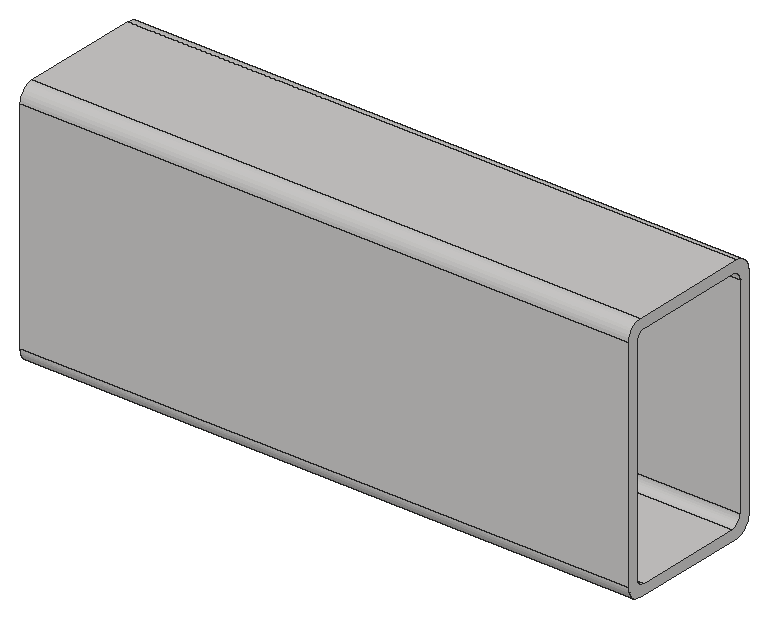
Revit family "NLRS_28_SFR_RHS_UEQ", category Structural Framing, Revit 2020
Family settings
  Structural Framing Length Roundoff = 0 mm
  Section Shape = Rectangular HSS
  Material for Model Behavior = Steel
  Always export as geometry = No
  Code Name = EN 10210-2; DIN EN 10210-2
  Always vertical = Yes
  Cut with Voids When Loaded = No
  Symbolic Representation = From Project Settings
  Shared = No
  Show family pre-cut in plan views = Yes
Parameters (values of type "KK500/300/20")
  Width = 300 mm
  Wall Nominal Thickness = 20 mm
  Wall Design Thickness = 20.0 mm
  Type Comments = ""
  Torsional Moment of Inertia = 97450.00 cm4
  Torsional Modulus = 4842.0 cm³
  Structural Material [instance] = h3_Structural Steel - S235
  Section Name Key = "R500X300X20"
  Section Area = 300.0 cm²
  Plastic Modulus weak axis = 3408.0 cm³
  Plastic Modulus strong axis = 4885.0 cm³
  Perimeter = 1.55 m²/m
  Outer Fillet = 30.0 mm
  Nominal Weight = 235.00 kgf/m
  Moment of Inertia weak axis = 44080.00 cm4
  Moment of Inertia strong axis = 98780.00 cm4
  Inner Fillet = 20.0 mm
  Height = 500 mm
  Elastic Modulus weak axis = 2939.0 cm³
  Elastic Modulus strong axis = 3951.0 cm³
  Centroid Vertical = Height / 2  # 250.0 mm
  Centroid Horizontal = Width / 2  # 150.0 mm
  Assembly Code = "2B(28.10)"
  Length [instance] = 1500 mm
Types (112, lengths in mm): name | Width | Wall Nominal Thickness | Wall Design Thickness | Torsional Moment of Inertia | Torsional Modulus | Section Name Key | Section Area | Plastic Modulus weak axis | Plastic Modulus strong axis | Perimeter | Outer Fillet | Nominal Weight | Moment of Inertia weak axis | Moment of Inertia strong axis | Inner Fillet | Height | Elastic Modulus weak axis | Elastic Modulus strong axis | Centroid Vertical | Centroid Horizontal
  KK500/300/20 | 300 | 20 | 20.0 | 97450.00 cm4 | 4842.0 cm³ | "R500X300X20" | 300.0 cm² | 3408.0 cm³ | 4885.0 cm³ | 1.55 m²/m | 30.0 | 235.00 kgf/m | 44080.00 cm4 | 98780.00 cm4 | 20.0 | 500 | 2939.0 cm³ | 3951.0 cm³ | 250.0 | 150.0
  K500/300/16 | 300 | 16 | 16.0 | 80330.00 cm4 | 4044.0 cm³ | "R500X300X16" | 243.0 cm² | 2804.0 cm³ | 4005.0 cm³ | 1.56 m²/m | 24.0 | 191.00 kgf/m | 36770.00 cm4 | 81780.00 cm4 | 16.0 | 500 | 2451.0 cm³ | 3271.0 cm³ | 250.0 | 150.0
  K500/300/14.2 | 300 | 14.2 | 14.2 | 72240.00 cm4 | 3660.0 cm³ | "RHS500x300x14.2" | 217.0 cm² | 2519.0 cm³ | 3593.0 cm³ | 1.56 m²/m | 21.3 | 170.00 kgf/m | 33250.00 cm4 | 73700.00 cm4 | 14.2 | 500 | 2216.0 cm³ | 2948.0 cm³ | 250.0 | 150.0
  K500/300/12.5 | 300 | 12.5 | 12.5 | 64390.00 cm4 | 3281.0 cm³ | "R500X300X12.5" | 192.0 cm² | 2244.0 cm³ | 3196.0 cm³ | 1.57 m²/m | 18.8 | 151.00 kgf/m | 29780.00 cm4 | 65810.00 cm4 | 12.5 | 500 | 1985.0 cm³ | 2633.0 cm³ | 250.0 | 150.0
  K500/300/10 | 300 | 10 | 10.0 | 52450.00 cm4 | 2696.0 cm³ | "R500X300X10" | 155.0 cm² | 1826.0 cm³ | 2595.0 cm³ | 1.57 m²/m | 15.0 | 122.00 kgf/m | 24440.00 cm4 | 53760.00 cm4 | 10.0 | 500 | 1629.0 cm³ | 2150.0 cm³ | 250.0 | 150.0
  K450/250/16 | 250 | 16 | 16.0 | 50550.00 cm4 | 2947.0 cm³ | "R450X250X16" | 211.0 cm² | 2029.0 cm³ | 3070.0 cm³ | 1.36 m²/m | 24.0 | 166.00 kgf/m | 22040.00 cm4 | 55710.00 cm4 | 16.0 | 450 | 1763.0 cm³ | 2476.0 cm³ | 225.0 | 125.0
  K450/250/14.2 | 250 | 14.2 | 14.2 | 45580.00 cm4 | 2675.0 cm³ | "RHS450x250x14.2" | 189.0 cm² | 1827.0 cm³ | 2759.0 cm³ | 1.36 m²/m | 21.3 | 148.00 kgf/m | 20000.00 cm4 | 50320.00 cm4 | 14.2 | 450 | 1600.0 cm³ | 2236.0 cm³ | 225.0 | 125.0
  K450/250/12.5 | 250 | 12.5 | 12.5 | 40720.00 cm4 | 2406.0 cm³ | "R450X250X12.5" | 167.0 cm² | 1631.0 cm³ | 2458.0 cm³ | 1.37 m²/m | 18.8 | 131.00 kgf/m | 17970.00 cm4 | 45030.00 cm4 | 12.5 | 450 | 1438.0 cm³ | 2001.0 cm³ | 225.0 | 125.0
  K450/250/10 | 250 | 10 | 10.0 | 33280.00 cm4 | 1986.0 cm³ | "R450X250X10" | 135.0 cm² | 1331.0 cm³ | 2000.0 cm³ | 1.37 m²/m | 15.0 | 106.00 kgf/m | 14820.00 cm4 | 36900.00 cm4 | 10.0 | 450 | 1185.0 cm³ | 1640.0 cm³ | 225.0 | 125.0
  K450/250/8 | 250 | 8 | 8.0 | 27080.00 cm4 | 1629.0 cm³ | "R450X250X8" | 109.0 cm² | 1081.0 cm³ | 1622.0 cm³ | 1.38 m²/m | 12.0 | 85.40 kgf/m | 12140.00 cm4 | 30080.00 cm4 | 8.0 | 450 | 971.0 cm³ | 1337.0 cm³ | 225.0 | 125.0
  K400/200/16 | 200 | 16 | 16.0 | 28870.00 cm4 | 2010.0 cm³ | "R400X200X16" | 179.0 cm² | 1374.0 cm³ | 2256.0 cm³ | 1.16 m²/m | 24.0 | 141.00 kgf/m | 11820.00 cm4 | 35740.00 cm4 | 16.0 | 400 | 1182.0 cm³ | 1787.0 cm³ | 200.0 | 100.0
  K400/200/14.2 | 200 | 14.2 | 14.2 | 26140.00 cm4 | 1834.0 cm³ | "RHS400x200x14.2" | 160.0 cm² | 1242.0 cm³ | 2032.0 cm³ | 1.16 m²/m | 21.3 | 126.00 kgf/m | 10780.00 cm4 | 32380.00 cm4 | 14.2 | 400 | 1078.0 cm³ | 1619.0 cm³ | 200.0 | 100.0
  K400/200/12.5 | 200 | 12.5 | 12.5 | 23440.00 cm4 | 1656.0 cm³ | "R400X200X12.5" | 142.0 cm² | 1111.0 cm³ | 1813.0 cm³ | 1.17 m²/m | 18.8 | 112.00 kgf/m | 9738.00 cm4 | 29060.00 cm4 | 12.5 | 400 | 974.0 cm³ | 1453.0 cm³ | 200.0 | 100.0
  K400/200/10 | 200 | 10 | 10.0 | 19260.00 cm4 | 1376.0 cm³ | "R400X200X10" | 115.0 cm² | 911.0 cm³ | 1480.0 cm³ | 1.17 m²/m | 15.0 | 90.20 kgf/m | 8084.00 cm4 | 23910.00 cm4 | 10.0 | 400 | 808.0 cm³ | 1196.0 cm³ | 200.0 | 100.0
  K400/200/8 | 200 | 8 | 8.0 | 15740.00 cm4 | 1135.0 cm³ | "R400X200X8" | 92.8 cm² | 743.0 cm³ | 1203.0 cm³ | 1.18 m²/m | 12.0 | 72.80 kgf/m | 6660.00 cm4 | 19560.00 cm4 | 8.0 | 400 | 666.0 cm³ | 978.0 cm³ | 200.0 | 100.0
  K350/250/16 | 250 | 16 | 16.0 | 35330.00 cm4 | 2246.0 cm³ | "R350X250X16" | 179.0 cm² | 1655.0 cm³ | 2095.0 cm³ | 1.16 m²/m | 24.0 | 141.00 kgf/m | 17650.00 cm4 | 30010.00 cm4 | 16.0 | 350 | 1412.0 cm³ | 1715.0 cm³ | 175.0 | 125.0
  K350/250/14.2 | 250 | 14.2 | 14.2 | 31890.00 cm4 | 2044.0 cm³ | "RHS350x250x14.2" | 160.0 cm² | 1492.0 cm³ | 1887.0 cm³ | 1.16 m²/m | 21.3 | 126.00 kgf/m | 16050.00 cm4 | 27200.00 cm4 | 14.2 | 350 | 1284.0 cm³ | 1554.0 cm³ | 175.0 | 125.0
  K350/250/12.5 | 250 | 12.5 | 12.5 | 28530.00 cm4 | 1842.0 cm³ | "R350X250X12.5" | 142.0 cm² | 1334.0 cm³ | 1685.0 cm³ | 1.17 m²/m | 18.8 | 112.00 kgf/m | 14440.00 cm4 | 24420.00 cm4 | 12.5 | 350 | 1156.0 cm³ | 1395.0 cm³ | 175.0 | 125.0
  K350/250/10 | 250 | 10 | 10.0 | 23350.00 cm4 | 1525.0 cm³ | "R350X250X10" | 115.0 cm² | 1091.0 cm³ | 1375.0 cm³ | 1.17 m²/m | 15.0 | 90.20 kgf/m | 11940.00 cm4 | 20100.00 cm4 | 10.0 | 350 | 955.0 cm³ | 1149.0 cm³ | 175.0 | 125.0
  K350/250/8 | 250 | 8 | 8.0 | 19030.00 cm4 | 1254.0 cm³ | "R350X250X8" | 92.8 cm² | 888.0 cm³ | 1118.0 cm³ | 1.18 m²/m | 12.0 | 72.80 kgf/m | 9798.00 cm4 | 16450.00 cm4 | 8.0 | 350 | 784.0 cm³ | 940.0 cm³ | 175.0 | 125.0
  K350/250/6.3 | 250 | 6.3 | 6.3 | 15220.00 cm4 | 1011.0 cm³ | "RHS350x250x6.3" | 73.6 cm² | 709.0 cm³ | 892.0 cm³ | 1.18 m²/m | 9.5 | 57.80 kgf/m | 7885.00 cm4 | 13200.00 cm4 | 6.3 | 350 | 631.0 cm³ | 754.0 cm³ | 175.0 | 125.0
  K300/200/16 | 200 | 16 | 16.0 | 19250.00 cm4 | 1468.0 cm³ | "RHS300x200x16" | 147.0 cm² | 1080.0 cm³ | 1441.0 cm³ | 0.96 m²/m | 24.0 | 115.00 kgf/m | 9109.00 cm4 | 17390.00 cm4 | 16.0 | 300 | 911.0 cm³ | 1159.0 cm³ | 150.0 | 100.0
  K300/200/14.2 | 200 | 14.2 | 14.2 | 17460.00 cm4 | 1343.0 cm³ | "RHS300x200x14.2" | 132.0 cm² | 978.0 cm³ | 1302.0 cm³ | 0.96 m²/m | 21.3 | 103.00 kgf/m | 8328.00 cm4 | 15830.00 cm4 | 14.2 | 300 | 833.0 cm³ | 1055.0 cm³ | 150.0 | 100.0
  K300/200/12.5 | 200 | 12.5 | 12.5 | 15680.00 cm4 | 1217.0 cm³ | "R300X200X12.5" | 117.0 cm² | 877.0 cm³ | 1165.0 cm³ | 0.97 m²/m | 18.8 | 91.90 kgf/m | 7537.00 cm4 | 14270.00 cm4 | 12.5 | 300 | 754.0 cm³ | 952.0 cm³ | 150.0 | 100.0
  K300/200/10 | 200 | 10 | 10.0 | 12910.00 cm4 | 1015.0 cm³ | "R300X200X10" | 94.9 cm² | 721.0 cm³ | 956.0 cm³ | 0.97 m²/m | 15.0 | 74.50 kgf/m | 6278.00 cm4 | 11820.00 cm4 | 10.0 | 300 | 628.0 cm³ | 788.0 cm³ | 150.0 | 100.0
  K300/200/8 | 200 | 8 | 8.0 | 10560.00 cm4 | 840.0 cm³ | "R300X200X8" | 76.8 cm² | 589.0 cm³ | 779.0 cm³ | 0.98 m²/m | 12.0 | 60.30 kgf/m | 5184.00 cm4 | 9717.00 cm4 | 8.0 | 300 | 518.0 cm³ | 648.0 cm³ | 150.0 | 100.0
  K300/200/6.3 | 200 | 6.3 | 6.3 | 8476.00 cm4 | 681.0 cm³ | "R300X200X6.3" | 61.0 cm² | 472.0 cm³ | 624.0 cm³ | 0.98 m²/m | 9.5 | 47.90 kgf/m | 4193.00 cm4 | 7829.00 cm4 | 6.3 | 300 | 419.0 cm³ | 522.0 cm³ | 150.0 | 100.0
  K260/180/16 | 180 | 16 | 16.0 | 12990.00 cm4 | 1106.0 cm³ | "RHS260x180x16" | 128.0 cm² | 831.0 cm³ | 1081.0 cm³ | 0.84 m²/m | 24.0 | 100.00 kgf/m | 6231.00 cm4 | 11250.00 cm4 | 16.0 | 260 | 692.0 cm³ | 865.0 cm³ | 130.0 | 90.0
  K260/180/14.2 | 180 | 14.2 | 14.2 | 11820.00 cm4 | 1016.0 cm³ | "RHS260x180x14.2" | 115.0 cm² | 755.0 cm³ | 980.0 cm³ | 0.84 m²/m | 21.3 | 90.10 kgf/m | 5719.00 cm4 | 10280.00 cm4 | 14.2 | 260 | 635.0 cm³ | 791.0 cm³ | 130.0 | 90.0
  K260/180/12.5 | 180 | 12.5 | 12.5 | 10640.00 cm4 | 924.0 cm³ | "R260X180X12.5" | 102.0 cm² | 679.0 cm³ | 879.0 cm³ | 0.85 m²/m | 18.8 | 80.10 kgf/m | 5196.00 cm4 | 9299.00 cm4 | 12.5 | 260 | 577.0 cm³ | 715.0 cm³ | 130.0 | 90.0
  K260/180/10 | 180 | 10 | 10.0 | 8798.00 cm4 | 775.0 cm³ | "R260X180X10" | 82.9 cm² | 560.0 cm³ | 724.0 cm³ | 0.85 m²/m | 15.0 | 65.10 kgf/m | 4351.00 cm4 | 7741.00 cm4 | 10.0 | 260 | 483.0 cm³ | 595.0 cm³ | 130.0 | 90.0
  K260/180/8 | 180 | 8 | 8.0 | 7221.00 cm4 | 644.0 cm³ | "R260X180X8" | 67.2 cm² | 459.0 cm³ | 592.0 cm³ | 0.86 m²/m | 12.0 | 52.70 kgf/m | 3608.00 cm4 | 6390.00 cm4 | 8.0 | 260 | 401.0 cm³ | 492.0 cm³ | 130.0 | 90.0
  K260/180/6.3 | 180 | 6.3 | 6.3 | 5810.00 cm4 | 524.0 cm³ | "R260X180X6.3" | 53.4 cm² | 369.0 cm³ | 475.0 cm³ | 0.86 m²/m | 9.5 | 41.90 kgf/m | 2929.00 cm4 | 5166.00 cm4 | 6.3 | 260 | 325.0 cm³ | 397.0 cm³ | 130.0 | 90.0
  K250/150/16 | 150 | 16 | 16.0 | 8868.00 cm4 | 849.0 cm³ | "RHS250x150x16" | 115.0 cm² | 625.0 cm³ | 906.0 cm³ | 0.76 m²/m | 24.0 | 90.30 kgf/m | 3873.00 cm4 | 8879.00 cm4 | 16.0 | 250 | 516.0 cm³ | 710.0 cm³ | 125.0 | 75.0
  K250/150/14.2 | 150 | 14.2 | 14.2 | 8102.00 cm4 | 784.0 cm³ | "RHS250x150x14.2" | 103.0 cm² | 570.0 cm³ | 823.0 cm³ | 0.76 m²/m | 21.3 | 81.10 kgf/m | 3576.00 cm4 | 8141.00 cm4 | 14.2 | 250 | 477.0 cm³ | 651.0 cm³ | 125.0 | 75.0
  K250/150/12.5 | 150 | 12.5 | 12.5 | 7326.00 cm4 | 717.0 cm³ | "R250X150X12.5" | 92.1 cm² | 514.0 cm³ | 740.0 cm³ | 0.77 m²/m | 18.8 | 72.30 kgf/m | 3265.00 cm4 | 7387.00 cm4 | 12.5 | 250 | 435.0 cm³ | 591.0 cm³ | 125.0 | 75.0
  K250/150/10 | 150 | 10 | 10.0 | 6090.00 cm4 | 605.0 cm³ | "R250X150X10" | 74.9 cm² | 426.0 cm³ | 611.0 cm³ | 0.77 m²/m | 15.0 | 58.80 kgf/m | 2755.00 cm4 | 6174.00 cm4 | 10.0 | 250 | 367.0 cm³ | 494.0 cm³ | 125.0 | 75.0
  K250/150/8 | 150 | 8 | 8.0 | 5021.00 cm4 | 506.0 cm³ | "R250X150X8" | 60.8 cm² | 350.0 cm³ | 501.0 cm³ | 0.78 m²/m | 12.0 | 47.70 kgf/m | 2298.00 cm4 | 5111.00 cm4 | 8.0 | 250 | 306.0 cm³ | 409.0 cm³ | 125.0 | 75.0
  K250/150/6.3 | 150 | 6.3 | 6.3 | 4054.00 cm4 | 413.0 cm³ | "R250X150X6.3" | 48.4 cm² | 283.0 cm³ | 402.0 cm³ | 0.78 m²/m | 9.5 | 38.00 kgf/m | 1874.00 cm4 | 4143.00 cm4 | 6.3 | 250 | 250.0 cm³ | 331.0 cm³ | 125.0 | 75.0
  K200/120/12.5 | 120 | 12.5 | 12.5 | 3569.00 cm4 | 428.0 cm³ | "R200X120X12.5" | 72.1 cm² | 314.0 cm³ | 455.0 cm³ | 0.61 m²/m | 18.8 | 56.60 kgf/m | 1562.00 cm4 | 3576.00 cm4 | 12.5 | 200 | 260.0 cm³ | 358.0 cm³ | 100.0 | 60.0
  K200/120/10 | 120 | 10 | 10.0 | 3001.00 cm4 | 367.0 cm³ | "R200X120X10" | 58.9 cm² | 263.0 cm³ | 379.0 cm³ | 0.61 m²/m | 15.0 | 46.30 kgf/m | 1337.00 cm4 | 3026.00 cm4 | 10.0 | 200 | 223.0 cm³ | 303.0 cm³ | 100.0 | 60.0
  K200/120/8 | 120 | 8 | 8.0 | 2495.00 cm4 | 310.0 cm³ | "R200X120X8" | 48.0 cm² | 218.0 cm³ | 313.0 cm³ | 0.62 m²/m | 12.0 | 37.60 kgf/m | 1128.00 cm4 | 2529.00 cm4 | 8.0 | 200 | 188.0 cm³ | 253.0 cm³ | 100.0 | 60.0
  K200/120/6.3 | 120 | 6.3 | 6.3 | 2028.00 cm4 | 255.0 cm³ | "R200X120X6.3" | 38.3 cm² | 177.0 cm³ | 253.0 cm³ | 0.62 m²/m | 9.5 | 30.10 kgf/m | 929.00 cm4 | 2065.00 cm4 | 6.3 | 200 | 155.0 cm³ | 207.0 cm³ | 100.0 | 60.0
  K200/100/16 | 100 | 16 | 16.0 | 2982.00 cm4 | 391.0 cm³ | "RHS200x100x16" | 83.0 cm² | 290.0 cm³ | 491.0 cm³ | 0.56 m²/m | 24.0 | 65.20 kgf/m | 1147.00 cm4 | 3678.00 cm4 | 16.0 | 200 | 229.0 cm³ | 368.0 cm³ | 100.0 | 50.0
  K200/100/12.5 | 100 | 12.5 | 12.5 | 2541.00 cm4 | 341.0 cm³ | "R200X100X12.5" | 67.1 cm² | 245.0 cm³ | 408.0 cm³ | 0.57 m²/m | 18.8 | 52.70 kgf/m | 1004.00 cm4 | 3136.00 cm4 | 12.5 | 200 | 201.0 cm³ | 314.0 cm³ | 100.0 | 50.0
  K200/100/10 | 100 | 10 | 10.0 | 2156.00 cm4 | 295.0 cm³ | "R200X100X10" | 54.9 cm² | 206.0 cm³ | 341.0 cm³ | 0.57 m²/m | 15.0 | 43.10 kgf/m | 869.00 cm4 | 2664.00 cm4 | 10.0 | 200 | 174.0 cm³ | 266.0 cm³ | 100.0 | 50.0
  K200/100/8 | 100 | 8 | 8.0 | 1804.00 cm4 | 251.0 cm³ | "R200X100X8" | 44.8 cm² | 172.0 cm³ | 282.0 cm³ | 0.58 m²/m | 12.0 | 35.10 kgf/m | 739.00 cm4 | 2234.00 cm4 | 8.0 | 200 | 148.0 cm³ | 223.0 cm³ | 100.0 | 50.0
  K200/100/6.3 | 100 | 6.3 | 6.3 | 1475.00 cm4 | 208.0 cm³ | "R200X100X6.3" | 35.8 cm² | 140.0 cm³ | 228.0 cm³ | 0.58 m²/m | 9.5 | 28.10 kgf/m | 613.00 cm4 | 1829.00 cm4 | 6.3 | 200 | 123.0 cm³ | 183.0 cm³ | 100.0 | 50.0
  K200/100/5 | 100 | 5 | 5.0 | 1204.00 cm4 | 172.0 cm³ | "RHS200x100x5" | 28.7 cm² | 114.0 cm³ | 185.0 cm³ | 0.59 m²/m | 7.5 | 22.60 kgf/m | 505.00 cm4 | 1495.00 cm4 | 5.0 | 200 | 101.0 cm³ | 149.0 cm³ | 100.0 | 50.0
  K200/100/4 | 100 | 4 | 4.0 | 983.00 cm4 | 142.0 cm³ | "RHS200x100x4" | 23.2 cm² | 93.0 cm³ | 150.0 cm³ | 0.59 m²/m | 6.0 | 18.20 kgf/m | 416.00 cm4 | 1223.00 cm4 | 4.0 | 200 | 83.0 cm³ | 122.0 cm³ | 100.0 | 50.0
  K180/100/12.5 | 100 | 12.5 | 12.5 | 2191.00 cm4 | 303.0 cm³ | "RHS180x100x12.5" | 62.1 cm² | 223.0 cm³ | 344.0 cm³ | 0.53 m²/m | 18.8 | 48.70 kgf/m | 908.00 cm4 | 2385.00 cm4 | 12.5 | 180 | 182.0 cm³ | 265.0 cm³ | 90.0 | 50.0
  K180/100/10 | 100 | 10 | 10.0 | 1862.00 cm4 | 263.0 cm³ | "R180X100X10" | 50.9 cm² | 188.0 cm³ | 288.0 cm³ | 0.53 m²/m | 15.0 | 40.00 kgf/m | 787.00 cm4 | 2036.00 cm4 | 10.0 | 180 | 157.0 cm³ | 226.0 cm³ | 90.0 | 50.0
  K180/100/8 | 100 | 8 | 8.0 | 1560.00 cm4 | 224.0 cm³ | "R180X100X8" | 41.6 cm² | 157.0 cm³ | 239.0 cm³ | 0.54 m²/m | 12.0 | 32.60 kgf/m | 671.00 cm4 | 1713.00 cm4 | 8.0 | 180 | 134.0 cm³ | 190.0 cm³ | 90.0 | 50.0
  K180/100/6.3 | 100 | 6.3 | 6.3 | 1277.00 cm4 | 186.0 cm³ | "R180X100X6.3" | 33.3 cm² | 128.0 cm³ | 194.0 cm³ | 0.54 m²/m | 9.5 | 26.10 kgf/m | 557.00 cm4 | 1407.00 cm4 | 6.3 | 180 | 111.0 cm³ | 156.0 cm³ | 90.0 | 50.0
  K180/100/5 | 100 | 5 | 5.0 | 1042.00 cm4 | 154.0 cm³ | "R180X100X5" | 26.7 cm² | 104.0 cm³ | 157.0 cm³ | 0.55 m²/m | 7.5 | 21.00 kgf/m | 460.00 cm4 | 1153.00 cm4 | 5.0 | 180 | 92.0 cm³ | 128.0 cm³ | 90.0 | 50.0
  K180/100/4 | 100 | 4 | 4.0 | 852.00 cm4 | 127.0 cm³ | "RHS180x100x4" | 21.6 cm² | 85.2 cm³ | 128.0 cm³ | 0.55 m²/m | 6.0 | 16.90 kgf/m | 379.00 cm4 | 945.00 cm4 | 4.0 | 180 | 75.9 cm³ | 105.0 cm³ | 90.0 | 50.0
  K160/80/12.5 | 80 | 12.5 | 12.5 | 1204.00 cm4 | 198.0 cm³ | "RHS160x80x12.5" | 52.1 cm² | 146.0 cm³ | 247.0 cm³ | 0.45 m²/m | 18.8 | 40.90 kgf/m | 465.00 cm4 | 1485.00 cm4 | 12.5 | 160 | 116.0 cm³ | 186.0 cm³ | 80.0 | 40.0
  K160/80/10 | 80 | 10 | 10.0 | 1041.00 cm4 | 175.0 cm³ | "R160X80X10" | 42.9 cm² | 125.0 cm³ | 209.0 cm³ | 0.45 m²/m | 15.0 | 33.70 kgf/m | 411.00 cm4 | 1284.00 cm4 | 10.0 | 160 | 103.0 cm³ | 161.0 cm³ | 80.0 | 40.0
  K160/80/8 | 80 | 8 | 8.0 | 883.00 cm4 | 151.0 cm³ | "R160X80X8" | 35.2 cm² | 106.0 cm³ | 175.0 cm³ | 0.46 m²/m | 12.0 | 27.60 kgf/m | 356.00 cm4 | 1091.00 cm4 | 8.0 | 160 | 89.0 cm³ | 136.0 cm³ | 80.0 | 40.0
  K160/80/6.3 | 80 | 6.3 | 6.3 | 730.00 cm4 | 127.0 cm³ | "R160X80X6.3" | 28.2 cm² | 86.8 cm³ | 142.0 cm³ | 0.46 m²/m | 9.5 | 22.20 kgf/m | 299.00 cm4 | 903.00 cm4 | 6.3 | 160 | 74.8 cm³ | 113.0 cm³ | 80.0 | 40.0
  K160/80/5 | 80 | 5 | 5.0 | 600.00 cm4 | 106.0 cm³ | "R160X80X5" | 22.7 cm² | 71.1 cm³ | 116.0 cm³ | 0.47 m²/m | 7.5 | 17.80 kgf/m | 249.00 cm4 | 744.00 cm4 | 5.0 | 160 | 62.3 cm³ | 93.0 cm³ | 80.0 | 40.0
  K160/80/4 | 80 | 4 | 4.0 | 493.00 cm4 | 88.0 cm³ | "RHS160x80x4" | 18.4 cm² | 58.3 cm³ | 94.7 cm³ | 0.47 m²/m | 6.0 | 14.40 kgf/m | 207.00 cm4 | 612.00 cm4 | 4.0 | 160 | 51.7 cm³ | 76.5 cm³ | 80.0 | 40.0
  K150/100/12.5 | 100 | 12.5 | 12.5 | 1679.00 cm4 | 246.0 cm³ | "RHS150x100x12.5" | 54.6 cm² | 190.0 cm³ | 256.0 cm³ | 0.47 m²/m | 18.8 | 42.80 kgf/m | 763.00 cm4 | 1488.00 cm4 | 12.5 | 150 | 152.6 cm³ | 198.0 cm³ | 75.0 | 50.0
  K150/100/10 | 100 | 10 | 10.0 | 1432.00 cm4 | 214.0 cm³ | "R150X100X10" | 44.9 cm² | 161.0 cm³ | 216.0 cm³ | 0.47 m²/m | 15.0 | 35.30 kgf/m | 665.00 cm4 | 1282.00 cm4 | 10.0 | 150 | 133.1 cm³ | 171.0 cm³ | 75.0 | 50.0
  K150/100/8 | 100 | 8 | 8.0 | 1203.00 cm4 | 183.0 cm³ | "R150X100X8" | 36.8 cm² | 135.0 cm³ | 180.0 cm³ | 0.48 m²/m | 12.0 | 28.90 kgf/m | 569.00 cm4 | 1087.00 cm4 | 8.0 | 150 | 113.9 cm³ | 145.0 cm³ | 75.0 | 50.0
  K150/100/6.3 | 100 | 6.3 | 6.3 | 986.00 cm4 | 153.0 cm³ | "R150X100X6.3" | 29.5 cm² | 110.0 cm³ | 147.0 cm³ | 0.48 m²/m | 9.5 | 23.10 kgf/m | 474.00 cm4 | 898.00 cm4 | 6.3 | 150 | 94.8 cm³ | 120.0 cm³ | 75.0 | 50.0
  K150/100/5 | 100 | 5 | 5.0 | 807.00 cm4 | 127.0 cm³ | "RHS150x100x5" | 23.7 cm² | 90.1 cm³ | 119.0 cm³ | 0.49 m²/m | 7.5 | 18.60 kgf/m | 392.00 cm4 | 739.00 cm4 | 5.0 | 150 | 78.5 cm³ | 98.5 cm³ | 75.0 | 50.0
  K150/100/4 | 100 | 4 | 4.0 | 660.00 cm4 | 105.0 cm³ | "RHS150x100x4" | 19.2 cm² | 73.6 cm³ | 97.4 cm³ | 0.49 m²/m | 6.0 | 15.10 kgf/m | 324.00 cm4 | 607.00 cm4 | 4.0 | 150 | 64.8 cm³ | 81.0 cm³ | 75.0 | 50.0
  K140/80/10 | 80 | 10 | 10.0 | 862.00 cm4 | 150.0 cm³ | "RHS140x80x10" | 38.9 cm² | 111.0 cm³ | 168.0 cm³ | 0.41 m²/m | 15.0 | 30.60 kgf/m | 362.00 cm4 | 908.00 cm4 | 10.0 | 140 | 90.5 cm³ | 130.0 cm³ | 70.0 | 40.0
  K140/80/8 | 80 | 8 | 8.0 | 733.00 cm4 | 130.0 cm³ | "RHS140x80x8" | 32.0 cm² | 94.1 cm³ | 141.0 cm³ | 0.42 m²/m | 12.0 | 25.10 kgf/m | 314.00 cm4 | 776.00 cm4 | 8.0 | 140 | 78.5 cm³ | 111.0 cm³ | 70.0 | 40.0
  K140/80/6.3 | 80 | 6.3 | 6.3 | 607.00 cm4 | 110.0 cm³ | "R140X80X6.3" | 25.7 cm² | 77.5 cm³ | 115.0 cm³ | 0.42 m²/m | 9.5 | 20.20 kgf/m | 265.00 cm4 | 646.00 cm4 | 6.3 | 140 | 66.2 cm³ | 92.3 cm³ | 70.0 | 40.0
  K140/80/5 | 80 | 5 | 5.0 | 499.00 cm4 | 92.0 cm³ | "R140X80X5" | 20.7 cm² | 63.6 cm³ | 94.3 cm³ | 0.43 m²/m | 7.5 | 16.30 kgf/m | 221.00 cm4 | 534.00 cm4 | 5.0 | 140 | 55.3 cm³ | 76.3 cm³ | 70.0 | 40.0
  K140/80/4 | 80 | 4 | 4.0 | 411.00 cm4 | 77.0 cm³ | "R140X80X4" | 16.8 cm² | 52.2 cm³ | 77.1 cm³ | 0.43 m²/m | 6.0 | 13.20 kgf/m | 184.00 cm4 | 441.00 cm4 | 4.0 | 140 | 46.0 cm³ | 62.9 cm³ | 70.0 | 40.0
  K120/80/10 | 80 | 10 | 10.0 | 688.00 cm4 | 126.0 cm³ | "RHS120x80x10" | 34.9 cm² | 97.3 cm³ | 131.0 cm³ | 0.37 m²/m | 15.0 | 27.40 kgf/m | 313.00 cm4 | 609.00 cm4 | 10.0 | 120 | 78.1 cm³ | 102.0 cm³ | 60.0 | 40.0
  K120/80/8 | 80 | 8 | 8.0 | 587.00 cm4 | 110.0 cm³ | "RHS120x80x8" | 28.8 cm² | 82.6 cm³ | 111.0 cm³ | 0.38 m²/m | 12.0 | 22.60 kgf/m | 273.00 cm4 | 525.00 cm4 | 8.0 | 120 | 68.1 cm³ | 87.5 cm³ | 60.0 | 40.0
  K120/80/6.3 | 80 | 6.3 | 6.3 | 487.00 cm4 | 92.9 cm³ | "R120X80X6.3" | 23.2 cm² | 68.2 cm³ | 91.0 cm³ | 0.38 m²/m | 9.5 | 18.20 kgf/m | 230.00 cm4 | 440.00 cm4 | 6.3 | 120 | 57.6 cm³ | 73.3 cm³ | 60.0 | 40.0
  K120/80/5 | 80 | 5 | 5.0 | 401.00 cm4 | 77.9 cm³ | "RHS120x80x5_New" | 18.7 cm² | 56.1 cm³ | 74.6 cm³ | 0.39 m²/m | 7.5 | 14.70 kgf/m | 193.00 cm4 | 365.00 cm4 | 5.0 | 120 | 48.2 cm³ | 60.9 cm³ | 60.0 | 40.0
  K120/80/4 | 80 | 4 | 4.0 | 330.00 cm4 | 65.0 cm³ | "R120X80X4" | 15.2 cm² | 46.1 cm³ | 61.2 cm³ | 0.39 m²/m | 6.0 | 11.90 kgf/m | 161.00 cm4 | 303.00 cm4 | 4.0 | 120 | 40.2 cm³ | 50.4 cm³ | 60.0 | 40.0
  K120/60/10 | 60 | 10 | 10.0 | 396.00 cm4 | 86.1 cm³ | "RHS120x60x10" | 30.9 cm² | 64.4 cm³ | 109.0 cm³ | 0.33 m²/m | 15.0 | 24.30 kgf/m | 152.00 cm4 | 488.00 cm4 | 10.0 | 120 | 50.5 cm³ | 81.4 cm³ | 60.0 | 30.0
  K120/60/8 | 60 | 8 | 8.0 | 344.00 cm4 | 76.6 cm³ | "RHS120x60x8" | 25.6 cm² | 55.4 cm³ | 92.7 cm³ | 0.34 m²/m | 12.0 | 20.10 kgf/m | 135.00 cm4 | 425.00 cm4 | 8.0 | 120 | 45.0 cm³ | 70.8 cm³ | 60.0 | 30.0
  K120/60/6.3 | 60 | 6.3 | 6.3 | 290.00 cm4 | 65.9 cm³ | "R120X60X6.3" | 20.7 cm² | 46.3 cm³ | 76.7 cm³ | 0.34 m²/m | 9.5 | 16.20 kgf/m | 116.00 cm4 | 358.00 cm4 | 6.3 | 120 | 38.8 cm³ | 59.7 cm³ | 60.0 | 30.0
  K120/60/5 | 60 | 5 | 5.0 | 242.00 cm4 | 56.0 cm³ | "R120X60X5" | 16.7 cm² | 38.4 cm³ | 63.1 cm³ | 0.35 m²/m | 7.5 | 13.10 kgf/m | 98.80 cm4 | 299.00 cm4 | 5.0 | 120 | 32.9 cm³ | 49.9 cm³ | 60.0 | 30.0
  K120/60/4 | 60 | 4 | 4.0 | 201.00 cm4 | 47.1 cm³ | "R120X60X4" | 13.6 cm² | 31.7 cm³ | 51.9 cm³ | 0.35 m²/m | 6.0 | 10.70 kgf/m | 83.10 cm4 | 249.00 cm4 | 4.0 | 120 | 27.7 cm³ | 41.5 cm³ | 60.0 | 30.0
  K100/60/8 | 60 | 8 | 8.0 | 265.00 cm4 | 62.2 cm³ | "RHS100x60x8" | 22.4 cm² | 47.1 cm³ | 68.7 cm³ | 0.30 m²/m | 12.0 | 17.50 kgf/m | 113.00 cm4 | 264.00 cm4 | 8.0 | 100 | 37.8 cm³ | 52.8 cm³ | 50.0 | 30.0
  K100/60/6.3 | 60 | 6.3 | 6.3 | 224.00 cm4 | 53.8 cm³ | "R100X60X6.3" | 18.1 cm² | 39.5 cm³ | 57.3 cm³ | 0.30 m²/m | 9.5 | 14.20 kgf/m | 98.10 cm4 | 225.00 cm4 | 6.3 | 100 | 32.7 cm³ | 45.0 cm³ | 50.0 | 30.0
  K100/60/5 | 60 | 5 | 5.0 | 188.00 cm4 | 45.9 cm³ | "R100X60X5" | 14.7 cm² | 32.9 cm³ | 47.4 cm³ | 0.31 m²/m | 7.5 | 11.60 kgf/m | 83.60 cm4 | 189.00 cm4 | 5.0 | 100 | 27.9 cm³ | 37.8 cm³ | 50.0 | 30.0
  K100/60/4 | 60 | 4 | 4.0 | 156.00 cm4 | 38.7 cm³ | "R100X60X4" | 12.0 cm² | 27.3 cm³ | 39.1 cm³ | 0.31 m²/m | 6.0 | 9.41 kgf/m | 70.50 cm4 | 158.00 cm4 | 4.0 | 100 | 23.5 cm³ | 31.6 cm³ | 50.0 | 30.0
  K100/60/3.2 | 60 | 3.2 | 3.2 | 129.00 cm4 | 32.4 cm³ | "RHS100x60x3.2" | 9.72 cm² | 22.4 cm³ | 32.0 cm³ | 0.31 m²/m | 4.8 | 7.63 kgf/m | 58.80 cm4 | 131.00 cm4 | 3.2 | 100 | 19.6 cm³ | 26.2 cm³ | 50.0 | 30.0
  K100/50/8 | 50 | 8 | 8.0 | 186.00 cm4 | 48.9 cm³ | "RHS100x50x8" | 20.8 cm² | 36.3 cm³ | 61.4 cm³ | 0.28 m²/m | 12.0 | 16.30 kgf/m | 71.70 cm4 | 230.00 cm4 | 8.0 | 100 | 28.7 cm³ | 46.0 cm³ | 50.0 | 25.0
  K100/50/6.3 | 50 | 6.3 | 6.3 | 160.00 cm4 | 42.9 cm³ | "R100X50X6.3" | 16.9 cm² | 30.8 cm³ | 51.3 cm³ | 0.28 m²/m | 9.5 | 13.30 kgf/m | 63.00 cm4 | 197.00 cm4 | 6.3 | 100 | 25.2 cm³ | 39.4 cm³ | 50.0 | 25.0
  K100/50/5 | 50 | 5 | 5.0 | 135.00 cm4 | 36.9 cm³ | "R100X50X5" | 13.7 cm² | 25.8 cm³ | 42.6 cm³ | 0.29 m²/m | 7.5 | 10.80 kgf/m | 54.30 cm4 | 167.00 cm4 | 5.0 | 100 | 21.7 cm³ | 33.3 cm³ | 50.0 | 25.0
  K100/50/4 | 50 | 4 | 4.0 | 113.00 cm4 | 31.4 cm³ | "R100X50X4" | 11.2 cm² | 21.5 cm³ | 35.2 cm³ | 0.29 m²/m | 6.0 | 8.78 kgf/m | 46.20 cm4 | 140.00 cm4 | 4.0 | 100 | 18.5 cm³ | 27.9 cm³ | 50.0 | 25.0
  K100/50/3.2 | 50 | 3.2 | 3.2 | 93.40 cm4 | 26.4 cm³ | "RHS100x50x3.2" | 9.08 cm² | 17.7 cm³ | 28.9 cm³ | 0.29 m²/m | 4.8 | 7.13 kgf/m | 38.80 cm4 | 116.00 cm4 | 3.2 | 100 | 15.5 cm³ | 23.2 cm³ | 50.0 | 25.0
  K90/50/8 | 50 | 8 | 8.0 | 160.00 cm4 | 43.2 cm³ | "RHS90x50x8" | 19.2 cm² | 32.9 cm³ | 51.4 cm³ | 0.26 m²/m | 12.0 | 15.00 kgf/m | 64.60 cm4 | 174.00 cm4 | 8.0 | 90 | 25.8 cm³ | 38.6 cm³ | 45.0 | 25.0
  K90/50/6.3 | 50 | 6.3 | 6.3 | 138.00 cm4 | 38.1 cm³ | "RHS90x50x6.3" | 15.6 cm² | 28.0 cm³ | 43.2 cm³ | 0.26 m²/m | 9.5 | 12.30 kgf/m | 57.00 cm4 | 150.00 cm4 | 6.3 | 90 | 22.8 cm³ | 33.3 cm³ | 45.0 | 25.0
  K90/50/5 | 50 | 5 | 5.0 | 116.00 cm4 | 32.9 cm³ | "R90X50X5" | 12.7 cm² | 23.5 cm³ | 36.0 cm³ | 0.27 m²/m | 7.5 | 9.99 kgf/m | 49.20 cm4 | 127.00 cm4 | 5.0 | 90 | 19.7 cm³ | 28.3 cm³ | 45.0 | 25.0
  K90/50/4 | 50 | 4 | 4.0 | 97.50 cm4 | 28.0 cm³ | "R90X50X4" | 10.4 cm² | 19.6 cm³ | 29.8 cm³ | 0.27 m²/m | 6.0 | 8.15 kgf/m | 41.90 cm4 | 107.00 cm4 | 4.0 | 90 | 16.8 cm³ | 23.8 cm³ | 45.0 | 25.0
  K90/50/3.2 | 50 | 3.2 | 3.2 | 80.90 cm4 | 23.6 cm³ | "R90X50X3.2" | 8.44 cm² | 16.2 cm³ | 24.6 cm³ | 0.27 m²/m | 4.8 | 6.63 kgf/m | 35.30 cm4 | 89.10 cm4 | 3.2 | 90 | 14.1 cm³ | 19.8 cm³ | 45.0 | 25.0
  K80/40/8 | 40 | 8 | 8.0 | 85.80 cm4 | 27.5 cm³ | "RHS80x40x8" | 16.0 cm² | 21.2 cm³ | 36.5 cm³ | 0.22 m²/m | 12.0 | 12.50 kgf/m | 32.10 cm4 | 106.00 cm4 | 8.0 | 80 | 16.1 cm³ | 26.5 cm³ | 40.0 | 20.0
  K80/40/6.3 | 40 | 6.3 | 6.3 | 75.60 cm4 | 24.8 cm³ | "RHS80x40x6.3" | 13.1 cm² | 18.4 cm³ | 31.1 cm³ | 0.22 m²/m | 9.5 | 10.30 kgf/m | 29.20 cm4 | 93.30 cm4 | 6.3 | 80 | 14.6 cm³ | 23.3 cm³ | 40.0 | 20.0
  K80/40/5 | 40 | 5 | 5.0 | 65.10 cm4 | 21.9 cm³ | "R80X40X5" | 10.7 cm² | 15.7 cm³ | 26.1 cm³ | 0.23 m²/m | 7.5 | 8.42 kgf/m | 25.70 cm4 | 80.30 cm4 | 5.0 | 80 | 12.9 cm³ | 20.1 cm³ | 40.0 | 20.0
  K80/40/4 | 40 | 4 | 4.0 | 55.20 cm4 | 18.9 cm³ | "R80X40X4" | 8.79 cm² | 13.2 cm³ | 21.8 cm³ | 0.23 m²/m | 6.0 | 6.90 kgf/m | 22.20 cm4 | 68.20 cm4 | 4.0 | 80 | 11.1 cm³ | 17.1 cm³ | 40.0 | 20.0
  K80/40/3.2 | 40 | 3.2 | 3.2 | 46.20 cm4 | 16.1 cm³ | "RHS80x40x3.2" | 7.16 cm² | 11.0 cm³ | 18.0 cm³ | 0.23 m²/m | 4.8 | 5.62 kgf/m | 18.90 cm4 | 57.20 cm4 | 3.2 | 80 | 9.5 cm³ | 14.3 cm³ | 40.0 | 20.0
  K60/40/6.3 | 40 | 6.3 | 6.3 | 49.50 cm4 | 17.6 cm³ | "RHS60x40x6.3" | 10.6 cm² | 14.2 cm³ | 19.2 cm³ | 0.18 m²/m | 9.5 | 8.31 kgf/m | 21.90 cm4 | 43.40 cm4 | 6.3 | 60 | 11.0 cm³ | 14.5 cm³ | 30.0 | 20.0
  K60/40/5 | 40 | 5 | 5.0 | 43.00 cm4 | 15.7 cm³ | "RHS60x40x5" | 8.73 cm² | 12.2 cm³ | 16.4 cm³ | 0.19 m²/m | 7.5 | 6.85 kgf/m | 19.50 cm4 | 38.10 cm4 | 5.0 | 60 | 9.8 cm³ | 12.7 cm³ | 30.0 | 20.0
  K60/40/4 | 40 | 4 | 4.0 | 36.70 cm4 | 13.7 cm³ | "R60X40X4" | 7.19 cm² | 10.3 cm³ | 13.8 cm³ | 0.19 m²/m | 6.0 | 5.64 kgf/m | 17.00 cm4 | 32.80 cm4 | 4.0 | 60 | 8.5 cm³ | 10.9 cm³ | 30.0 | 20.0
  K60/40/3.2 | 40 | 3.2 | 3.2 | 30.80 cm4 | 11.7 cm³ | "RHS60x40x3.2" | 5.88 cm² | 8.6 cm³ | 11.5 cm³ | 0.19 m²/m | 4.8 | 4.62 kgf/m | 14.60 cm4 | 27.80 cm4 | 3.2 | 60 | 7.3 cm³ | 9.3 cm³ | 30.0 | 20.0
  K60/40/2.6 | 40 | 2.6 | 2.6 | 25.90 cm4 | 10.0 cm³ | "RHS60x40x2.6" | 4.86 cm² | 7.3 cm³ | 9.7 cm³ | 0.19 m²/m | 3.9 | 3.81 kgf/m | 12.40 cm4 | 23.60 cm4 | 2.6 | 60 | 6.2 cm³ | 7.9 cm³ | 30.0 | 20.0
  K50/30/5 | 30 | 5 | 5.0 | 19.00 cm4 | 8.7 cm³ | "RHS50x30x5" | 6.73 cm² | 6.8 cm³ | 10.0 cm³ | 0.15 m²/m | 7.5 | 5.28 kgf/m | 7.89 cm4 | 18.70 cm4 | 5.0 | 50 | 5.3 cm³ | 7.5 cm³ | 25.0 | 15.0
  K50/30/4 | 30 | 4 | 4.0 | 16.60 cm4 | 7.8 cm³ | "R50X30X4" | 5.59 cm² | 5.9 cm³ | 8.6 cm³ | 0.15 m²/m | 6.0 | 4.39 kgf/m | 7.08 cm4 | 16.50 cm4 | 4.0 | 50 | 4.7 cm³ | 6.6 cm³ | 25.0 | 15.0
  K50/30/3.2 | 30 | 3.2 | 3.2 | 14.20 cm4 | 6.8 cm³ | "RHS50x30x3.2" | 4.6 cm² | 5.0 cm³ | 7.3 cm³ | 0.15 m²/m | 4.8 | 3.61 kgf/m | 6.20 cm4 | 14.20 cm4 | 3.2 | 50 | 4.1 cm³ | 5.7 cm³ | 25.0 | 15.0
  K50/30/2.6 | 30 | 2.6 | 2.6 | 12.10 cm4 | 5.9 cm³ | "RHS50x30x2.6" | 3.82 cm² | 4.3 cm³ | 6.1 cm³ | 0.15 m²/m | 3.9 | 3.00 kgf/m | 5.38 cm4 | 12.20 cm4 | 2.6 | 50 | 3.6 cm³ | 4.9 cm³ | 25.0 | 15.0
Reference planes
  plane 1 "Center (Front/Back)": y = 0
  plane 2: z = 0
  plane 3 "Center (Left/Right)": x = 4.61
  plane 4 "Member Left": x = -604.99
  plane 5 "Member Right": x = 614.21
  plane 6: y = 150
  plane 7: y = -150
  plane 8 "Top": z = 250
  plane 9: z = -250
  plane 10 "Left": x = -757.39
  plane 11 "Right": x = 742.61
Forms (mm)
  Sweep 1, solid, material "h3_Structural Steel - S235" <- "Structural Material", detail levels fine
    path origin (0, 0, 0) x (1, 0, 0) y (0, 1, 0)
      loop
        line (614.21, 0) -> (-604.99, 0)
    profile "M_Hollow-Structural-Section-Profile-Fine : M_Hollow-Structural-Section-Profile-Fine" origin (4.61, 0, 0) x (0, -1, 0) y (0, 0, 1)
      loop
        arc (-110, 230) -> (-124.142, 224.142) -> (-130, 210) r 20
        line (-130, 210) -> (-130, -210)
        arc (-130, -210) -> (-124.142, -224.142) -> (-110, -230) r 20
        line (-110, -230) -> (110, -230)
        arc (110, -230) -> (124.142, -224.142) -> (130, -210) r 20
        line (130, -210) -> (130, 210)
        arc (130, 210) -> (124.142, 224.142) -> (110, 230) r 20
        line (110, 230) -> (-110, 230)
      loop
        arc (-150, -220) -> (-141.213, -241.213) -> (-120, -250) r 30
        line (-120, -250) -> (120, -250)
        arc (120, -250) -> (141.213, -241.213) -> (150, -220) r 30
        line (150, -220) -> (150, 220)
        arc (150, 220) -> (141.213, 241.213) -> (120, 250) r 30
        line (120, 250) -> (-120, 250)
        arc (-120, 250) -> (-141.213, 241.213) -> (-150, 220) r 30
        line (-150, 220) -> (-150, -220)
  Sweep 2, solid, material "h3_Structural Steel - S235" <- "Structural Material", detail levels medium
    path origin (0, 0, 0) x (1, 0, 0) y (0, 1, 0)
      loop
        line (614.21, 0) -> (-604.99, 0)
    profile "M_Hollow-Structural-Section-Profile-Medium : M_Hollow-Structural-Section-Profile-Medium" origin (4.61, 0, 0) x (0, -1, 0) y (0, 0, 1)
      loop
        line (-130, 230) -> (-130, -230) -> (130, -230) -> (130, 230) -> (-130, 230)
      loop
        line (-150, -250) -> (150, -250) -> (150, 250) -> (-150, 250) -> (-150, -250)
Lines and regions (mm)
  symbolic lines, style "Hidden Faces", detail levels medium+fine
    curve 1: line (614.21, -130, 0) -> (-604.99, -130, 0)
    curve 2: line (614.21, 130, 0) -> (-604.99, 130, 0)
    curve 3: line (-604.99, 0, 230) -> (614.21, 0, 230)
    curve 4: line (-604.99, 0, -230) -> (614.21, 0, -230)
  symbolic lines, style "Stick Symbols", detail levels coarse
    curve 5: line (4.61, -150, 250) -> (4.61, -150, -250)
    curve 6: line (4.61, -150, -250) -> (4.61, 150, -250)
    curve 7: line (4.61, 150, -250) -> (4.61, 150, 250)
    curve 8: line (4.61, 150, 250) -> (4.61, -150, 250)
  model lines, style "28_hartlijn_staal"
    curve 9: line (-604.99, 0, 250) -> (614.21, 0, 250)
Dimensions and locks
  "Width": plane 6 to plane 7
  "Height": plane 9 to plane 8 "Top"
  equal spacing: plane 9, plane 2, plane 8 "Top"
  equal spacing: plane 6, plane 1 "Center (Front/Back)", plane 7
  "Wall Nominal Thickness": plane 6 to curve 2
  "Wall Nominal Thickness": curve 1 to plane 7
  "Wall Nominal Thickness": plane 8 "Top" to curve 3
  "Wall Nominal Thickness": curve 4 to plane 9
  "Length": plane 10 "Left" to plane 11 "Right"
  aligned and locked: Sweep 1 sketch curve to plane 1 "Center (Front/Back)"
  aligned and locked: Sweep 2 sketch curve to plane 1 "Center (Front/Back)"
  aligned and locked: curve 5 to Sweep 2
  aligned and locked: curve 6 to Sweep 2
  aligned and locked: curve 7 to Sweep 2
  aligned and locked: curve 8 to Sweep 2
  aligned and locked: plane 4 "Member Left" to Sweep 1 sketch curve
  aligned and locked: plane 5 "Member Right" to Sweep 1 sketch curve
  aligned and locked: plane 4 "Member Left" to Sweep 2 sketch curve
  aligned and locked: plane 5 "Member Right" to Sweep 2 sketch curve
  aligned and locked: plane 4 "Member Left" to curve 1
  aligned and locked: plane 5 "Member Right" to curve 1
  aligned and locked: plane 4 "Member Left" to curve 2
  aligned and locked: plane 5 "Member Right" to curve 2
  aligned and locked: plane 4 "Member Left" to curve 3
  aligned and locked: plane 5 "Member Right" to curve 3
  aligned and locked: plane 4 "Member Left" to curve 4
  aligned and locked: plane 5 "Member Right" to curve 4
  aligned and locked: Sweep 1 to plane 8 "Top"
  aligned and locked: plane 6 to Sweep 1
  aligned and locked: plane 9 to Sweep 1
  aligned and locked: Sweep 1 to plane 7
  aligned and locked: plane 4 "Member Left" to Sweep 2
  aligned and locked: plane 5 "Member Right" to Sweep 2
  aligned and locked: plane 5 "Member Right" to Sweep 1
  aligned and locked: plane 4 "Member Left" to Sweep 1
  aligned and locked: plane 5 "Member Right" to curve 9
  aligned and locked: plane 4 "Member Left" to curve 9
  aligned and locked: plane 1 "Center (Front/Back)" to curve 9
